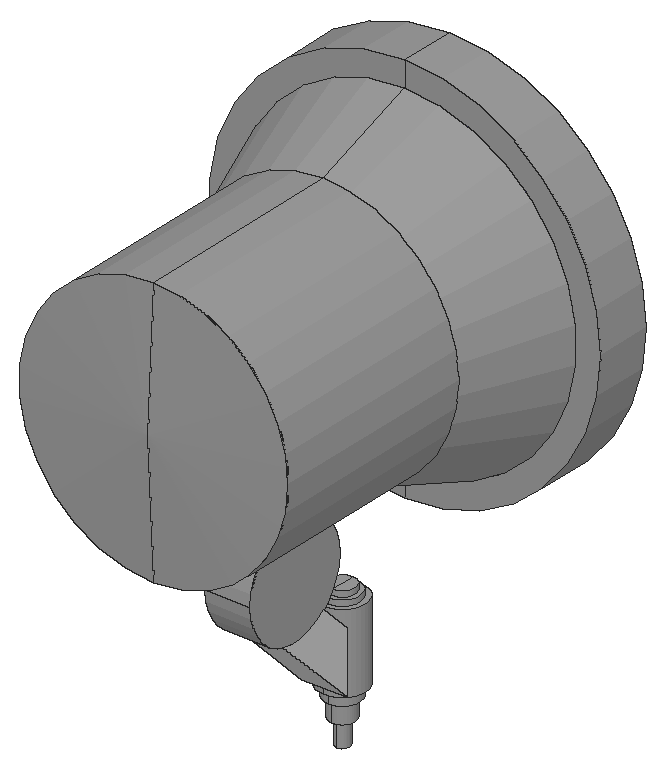
Revit family "77655_HOST_FACE", category Lighting Fixtures, host Face, Revit 2019
Family settings
  Host = Face
  Round Connector Dimension = Use Diameter
  Part Type = Normal
  Cut with Voids When Loaded = Yes
  Light Source = Yes
  Shared = No
  Room Calculation Point = No
Parameters (values of type "Small Scale Floodlight")
  Wattage = 5.97811 W
  built-in parameter 1150110 = 1 (stored number, unit not read)
  URL = "www.bega-us.com"
  built-in parameter 1114217 = 1 (stored number, unit not read)
  Tilt Angle = -90.00°
  built-in parameter 1150109 = 1 (stored number, unit not read)
  built-in parameter 1150134 = (empty or 0)
  Telephone = "805.684.0533"
  built-in parameter 1150113 = 1 (stored number, unit not read)
  Photometric Web File = "77655.ies"
  Model = ""
  Manufacturer = "BEGA-US"
  built-in parameter 1150105 = 70.665 (stored number, unit not read)
  Lumens = 888 lm
  built-in parameter 1150115 = 1 (stored number, unit not read)
  built-in parameter 1150137 = (empty or 0)
  built-in parameter 1150139 = (empty or 0)
  built-in parameter 1150112 = 1 (stored number, unit not read)
  built-in parameter 1150114 = 1 (stored number, unit not read)
  Lamp = "7.9W LED"
  built-in parameter 1150132 = 2
  built-in parameter 1150102 = (empty or 0)
  built-in parameter 1150107 = 3000 (stored number, unit not read)
  built-in parameter 1150138 = (empty or 0)
  built-in parameter 1150106 = 0.70665 (stored number, unit not read)
  built-in parameter 1150104 = 13.8 (stored number, unit not read)
  Dimming Lamp Color Temperature Shift = <None>
  Description = ""
  Default Elevation = 0' - 0"
  Color Filter = 16777215
  built-in parameter 1114218 = 1 (stored number, unit not read)
  built-in parameter 1150133 = 10 (stored number, unit not read)
Types (28): name | Wattage | Tilt Angle | built-in parameter 1150134 | Photometric Web File | Model | built-in parameter 1150105 | Lumens | Lamp | built-in parameter 1150107 | built-in parameter 1150106 | Description | Default Elevation
  (no name) | 5.97811 W | -90.00° | (empty or 0) | "77655.ies" | "" | 70.665 (stored number, unit not read) | 888 lm | "7.9W LED" | 3000 (stored number, unit not read) | 0.70665 (stored number, unit not read) | "" | 0' - 0"
  Wall Luminaires - Directed Light | 18.4392 W | 90.00° | (empty or 0) | "generic" | "2260LED" | 217.96 (stored number, unit not read) | 2739 lm | "44.6W LED" | 3000 (stored number, unit not read) | 2.1796 (stored number, unit not read) | "Surface wall with cutoff optics" | 6' - 0"
  Wall Luminaires - Linear | 9.92985 W | 90.00° | 9 | "generic" | "4425P" | 117.38 (stored number, unit not read) | 1475 lm | "(1) 39W CF twin-4-p" | 3450 (stored number, unit not read) | 1.1738 (stored number, unit not read) | "Suface wall - linear with white acrylic diffuser" | 6' - 0"
  Ceiling and Wall Luminaires - Unshielded | 2.66591 W | 0.00° | (empty or 0) | "33508.ies" | "33 508" | 31.513 (stored number, unit not read) | 396 lm | "W LED" | 3000 (stored number, unit not read) | 0.31513 (stored number, unit not read) | "LED ceiling and wall luminaires - impact resistant" | 0' - 0"
  Recessed Luminaires - Round | 2.66591 W | 0.00° | (empty or 0) | "33508.ies" | "33 508" | 31.513 (stored number, unit not read) | 396 lm | "W LED" | 3000 (stored number, unit not read) | 0.31513 (stored number, unit not read) | "LED ceiling and wall luminaires - impact resistant" | 0' - 0"
  Recessed Luminaires - Square | 0.0067321 W | 0.00° | (empty or 0) | "88754.IES" | "" | 0.079577 (stored number, unit not read) | 1 lm | "W LED" | 3000 (stored number, unit not read) | 0.00079577 (stored number, unit not read) | "" | 0' - 0"
  Recessed Luminaires - Retangular | 2.66591 W | 0.00° | (empty or 0) | "33508.ies" | "33 508" | 31.513 (stored number, unit not read) | 396 lm | "W LED" | 3000 (stored number, unit not read) | 0.31513 (stored number, unit not read) | "LED ceiling and wall luminaires - impact resistant" | 0' - 0"
  Recessed Luminaires - Elongated | 2.66591 W | 0.00° | (empty or 0) | "33508.ies" | "33 508" | 31.513 (stored number, unit not read) | 396 lm | "W LED" | 3000 (stored number, unit not read) | 0.31513 (stored number, unit not read) | "LED ceiling and wall luminaires - impact resistant" | 0' - 0"
  Recessed Ceiling Luminaires - Downlights | 2.66591 W | 0.00° | (empty or 0) | "33508.ies" | "33 508" | 31.513 (stored number, unit not read) | 396 lm | "W LED" | 3000 (stored number, unit not read) | 0.31513 (stored number, unit not read) | "LED ceiling and wall luminaires - impact resistant" | 0' - 0"
  Recessed Ceiling Luminaires - Asymmetric | 2.66591 W | 0.00° | (empty or 0) | "33508.ies" | "33 508" | 31.513 (stored number, unit not read) | 396 lm | "W LED" | 3000 (stored number, unit not read) | 0.31513 (stored number, unit not read) | "LED ceiling and wall luminaires - impact resistant" | 0' - 0"
  Pendant and Cable Suspended Luminaires - Shielded | 2.66591 W | 0.00° | (empty or 0) | "33508.ies" | "33 508" | 31.513 (stored number, unit not read) | 396 lm | "W LED" | 3000 (stored number, unit not read) | 0.31513 (stored number, unit not read) | "LED ceiling and wall luminaires - impact resistant" | 0' - 0"
  Pendant and Cable Suspended Luminaires - Directed | 2.66591 W | 0.00° | (empty or 0) | "33508.ies" | "33 508" | 31.513 (stored number, unit not read) | 396 lm | "W LED" | 3000 (stored number, unit not read) | 0.31513 (stored number, unit not read) | "LED ceiling and wall luminaires - impact resistant" | 0' - 0"
  Ceiling Luminaires - Downlights | 2.66591 W | 0.00° | (empty or 0) | "33508.ies" | "33 508" | 31.513 (stored number, unit not read) | 396 lm | "W LED" | 3000 (stored number, unit not read) | 0.31513 (stored number, unit not read) | "LED ceiling and wall luminaires - impact resistant" | 0' - 0"
  Ceiling Luminaires - Asymmetric | 2.66591 W | 0.00° | (empty or 0) | "33508.ies" | "33 508" | 31.513 (stored number, unit not read) | 396 lm | "W LED" | 3000 (stored number, unit not read) | 0.31513 (stored number, unit not read) | "LED ceiling and wall luminaires - impact resistant" | 0' - 0"
  Ceiling and Wall Luminaires - Stainless Steel | 2.66591 W | 0.00° | (empty or 0) | "33508.ies" | "33 508" | 31.513 (stored number, unit not read) | 396 lm | "W LED" | 3000 (stored number, unit not read) | 0.31513 (stored number, unit not read) | "LED ceiling and wall luminaires - impact resistant" | 0' - 0"
  Wall Luminaires - Stainless Steel | 2.66591 W | 0.00° | (empty or 0) | "33508.ies" | "33 508" | 31.513 (stored number, unit not read) | 396 lm | "W LED" | 3000 (stored number, unit not read) | 0.31513 (stored number, unit not read) | "LED ceiling and wall luminaires - impact resistant" | 0' - 0"
  Wall Luminaires - Unshielded Light | 2.66591 W | 0.00° | (empty or 0) | "33508.ies" | "33 508" | 31.513 (stored number, unit not read) | 396 lm | "W LED" | 3000 (stored number, unit not read) | 0.31513 (stored number, unit not read) | "LED ceiling and wall luminaires - impact resistant" | 0' - 0"
  Wall Luminaires - Shielded Light | 2.66591 W | 0.00° | (empty or 0) | "33508.ies" | "33 508" | 31.513 (stored number, unit not read) | 396 lm | "W LED" | 3000 (stored number, unit not read) | 0.31513 (stored number, unit not read) | "LED ceiling and wall luminaires - impact resistant" | 0' - 0"
  On-Ground Luminaires | 2.66591 W | 0.00° | (empty or 0) | "33508.ies" | "33 508" | 31.513 (stored number, unit not read) | 396 lm | "W LED" | 3000 (stored number, unit not read) | 0.31513 (stored number, unit not read) | "LED ceiling and wall luminaires - impact resistant" | 0' - 0"
  Light Design Elements | 2.66591 W | 0.00° | (empty or 0) | "33508.ies" | "33 508" | 31.513 (stored number, unit not read) | 396 lm | "W LED" | 3000 (stored number, unit not read) | 0.31513 (stored number, unit not read) | "LED ceiling and wall luminaires - impact resistant" | 0' - 0"
  LED System Bollard | 2.66591 W | 0.00° | (empty or 0) | "33508.ies" | "33 508" | 31.513 (stored number, unit not read) | 396 lm | "W LED" | 3000 (stored number, unit not read) | 0.31513 (stored number, unit not read) | "LED ceiling and wall luminaires - impact resistant" | 0' - 0"
  Bollards | 2.66591 W | 0.00° | (empty or 0) | "33508.ies" | "33 508" | 31.513 (stored number, unit not read) | 396 lm | "W LED" | 3000 (stored number, unit not read) | 0.31513 (stored number, unit not read) | "LED ceiling and wall luminaires - impact resistant" | 0' - 0"
  Bollards - Stainless Steel | 2.66591 W | 0.00° | (empty or 0) | "33508.ies" | "33 508" | 31.513 (stored number, unit not read) | 396 lm | "W LED" | 3000 (stored number, unit not read) | 0.31513 (stored number, unit not read) | "LED ceiling and wall luminaires - impact resistant" | 0' - 0"
  Light Building Elements | 2.66591 W | 0.00° | (empty or 0) | "33508.ies" | "33 508" | 31.513 (stored number, unit not read) | 396 lm | "W LED" | 3000 (stored number, unit not read) | 0.31513 (stored number, unit not read) | "LED ceiling and wall luminaires - impact resistant" | 0' - 0"
  Pole-top Luminaires - with asymmetrical light distribution | 2.66591 W | 0.00° | (empty or 0) | "33508.ies" | "33 508" | 31.513 (stored number, unit not read) | 396 lm | "W LED" | 3000 (stored number, unit not read) | 0.31513 (stored number, unit not read) | "LED ceiling and wall luminaires - impact resistant" | 0' - 0"
  Pole-top Luminaires - with symmetrical light distribution | 2.66591 W | 0.00° | (empty or 0) | "33508.ies" | "33 508" | 31.513 (stored number, unit not read) | 396 lm | "W LED" | 3000 (stored number, unit not read) | 0.31513 (stored number, unit not read) | "LED ceiling and wall luminaires - impact resistant" | 0' - 0"
  Pole-top Luminaires - with indirect light | 2.66591 W | 0.00° | (empty or 0) | "88754.IES" | "33 508" | 31.513 (stored number, unit not read) | 396 lm | "W LED" | 3000 (stored number, unit not read) | 0.31513 (stored number, unit not read) | "LED ceiling and wall luminaires - impact resistant" | 0' - 0"
  Small Scale Floodlight | 5.97811 W | -90.00° | (empty or 0) | "77655.ies" | "" | 70.665 (stored number, unit not read) | 888 lm | "7.9W LED" | 3000 (stored number, unit not read) | 0.70665 (stored number, unit not read) | "" | 0' - 0"
Reference planes (in)
  plane 1 "Center (Front/Back)": y = 0
  plane 2: z = 0
  plane 3 "Center (Left/Right)": x = 0
Dimensions and locks (in)
  aligned and locked: plane 2 to host face
  aligned and locked: level to host face
Nested families (in)
  nested 1: "77655" at (0, -0.25, 0), type "77655"
Connectors (in)
  electrical at (0, 0, 0)
    settings: on host face, index 1, voltage 0 V, apparent load 0 VA, apparent load phase1 0 VA, apparent load phase2 0 VA, apparent load phase3 0 VA, power factor 1, load classification "Other", number of poles 1, system type 31, power factor state 1, is connector primary yes, connector utility no, sub classification motor no, connector description ""
Definition of nested family "77655"
  Reference planes (in)
    plane 1 "Center (Front/Back)": y = 0
    plane 2: z = 0
    plane 3 "Center (Left/Right)": x = 0
  Forms (in)
    Revolve 1, solid
      sketch origin (0, 0, -0.9809) x (0, 1, 0) y (0, 0, 1)
        loop
          line (0, 6.75) -> (-2.375, 6.75)
          spline (-2.375, 6.75) -> (-2.38834, 6.59376) -> (-2.40052, 6.44319) -> (-2.41153, 6.29831) -> (-2.42139, 6.15911) -> (-2.43009, 6.02559) -> (-2.43763, 5.89775) -> (-2.44401, 5.77559) -> (-2.44923, 5.65911) -> (-2.45329, 5.54831) -> (-2.45619, 5.44319) -> (-2.45793, 5.34376) -> (-2.45851, 5.25)
          line (-2.45851, 5.25) -> (0.47766, 5.25) -> (0.47766, 6.40488)
          spline (0.47766, 6.40488) -> (0.52342, 6.46305) -> (0.58013, 6.52249) -> (0.6478, 6.58322) -> (0.72643, 6.64523) -> (0.81602, 6.70852) -> (0.91657, 6.7731) -> (1.02808, 6.83896) -> (1.15055, 6.9061) -> (1.28397, 6.97452) -> (1.42836, 7.04423) -> (1.5837, 7.11522) -> (1.75, 7.1875)
          line (1.75, 7.1875) -> (1.75, 7.4375) -> (1.125, 7.4375) -> (1.125, 7.15947) -> (0, 6.75)
        axis (-2.45851, 5.25) -> (1.75, 5.25)
      angle from 0 to 360
    Extrusion 2, solid
      sketch origin (0, 0.39827, 0.15488) x (0, 1, 0) y (0, 0, 1)
        loop
          circle (-1.11961, 1.99871) r 0.625
      from -0.25 to 0.25
    Extrusion 3, solid
      sketch origin (0, 0, 0) x (0, 1, 0) y (0, 0, 1)
        loop
          arc (-0.31404, 1.67953) -> (-0.58231, 1.54425) -> (-0.88272, 1.54978) r 0.625
          line (-0.88272, 1.54978) -> (0, 0.66706) -> (0, 1.36549) -> (-0.31404, 1.67953)
      from -0.25 to 0.25
    Revolve 4, solid
      sketch origin (0, 0, 0) x (0, 1, 0) y (0, 0, 1)
        loop
          line (0.25691, 1.6109) -> (0.1143, 1.6109) -> (0.1143, 1.54875) -> (0.06288, 1.54875) -> (0.06288, 1.48661) -> (0, 1.48661) -> (0, 0.61032) -> (0.06288, 0.61032) -> (0.06288, 0.48602) -> (0.1143, 0.48602) -> (0.1143, 0.27472) -> (0.17785, 0.27472) -> (0.17785, 0) -> (0.25691, 0) -> (0.25691, 1.6109)
        axis (0.25691, 1.6109) -> (0.25691, 0)
      angle from 0 to 360
    Revolve 5, solid
      sketch origin (0, 0, 0) x (0, 1, 0) y (0, 0, 1)
        loop
          line (1.75, 6.2066) -> (1.625, 6.14869) -> (1.625, 4.2691) -> (1.75, 4.2691) -> (1.75, 6.2066)
        axis (1.75, 4.2691) -> (1.625, 4.2691)
      angle from 0 to 360
  Dimensions and locks (in)
    aligned and locked: plane 2 to level
